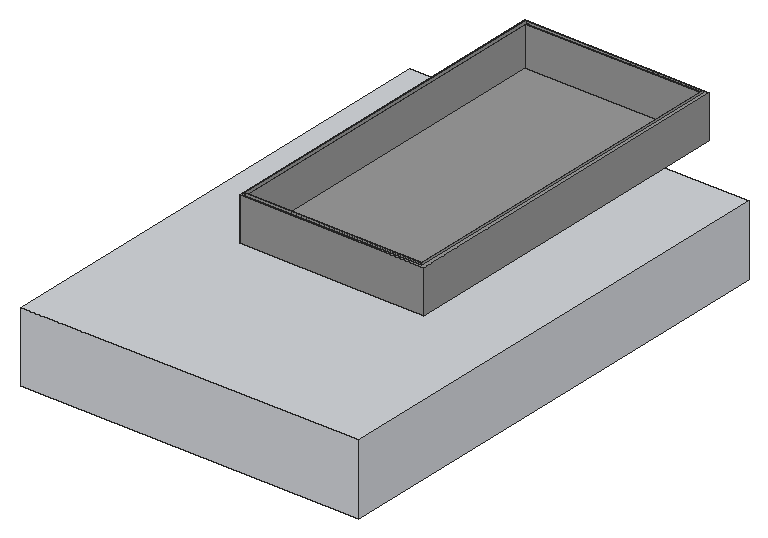
Revit family "Hager-Univers-IP30-D205-H1550-Cl.II-Encl-CH-de", category Equipement électrique, Revit 2020
Family settings
  Hôte = Face
  Configuration du panneau = Deux colonnes, circuits au sein
  Cote de connecteur circulaire = Utiliser le diamètre
  Type d'élément = Tableau de raccordement
  Couper avec des vides une fois chargée = Non
  Partagée = Non
  Point de calcul de pièce = Non
Parameters (values of type "Aufputz IP30 B800 H1550 T205  - FP03S1N")
  Width Control [instance] = if([EF000008 - Breite] > Min Width, [EF000008 - Breite], Min Width)  # 800 mm
  Commentaires du type = [HG000003 - Bereich]  # "Univers"
  Thickness Door [instance] = if([EF009171 - Materialstärke Tür/Deckel] > 3 mm, 3 mm, [EF009171 - Materialstärke Tür/Deckel])  # 1 mm
  Seal Frame Offset [instance] = 17 mm  # constant formula
  Plinth Visibility [instance] = [HG000027 - Sockelhöhe] > 0 mm  # no
  Model = ""
  Min Width [instance] = 100 mm  # constant formula
  Min Height [instance] = 100 mm  # constant formula
  Min Depth [instance] = (2 * [EF009170 - Materialstärke Gehäuse]) + 1 mm  # 3 mm
  Internal Frame Depth [instance] = (Door System Depth * 0.5)  # 9 mm
  Height Control [instance] = if([EF000040 - Höhe] > Min Height, [EF000040 - Höhe], Min Height)  # 1550 mm
  HG000027 - Sockelhöhe = 0 mm
  HG000026 - Stehend auf dem Boden = no
  HG000024 - Höhe des unteren Teils = 800 mm
  HG000023 - Gehäuse mit doppeltem Querschnitt = no
  HG000016 - 3D-Türsichtbarkeit [instance] = yes
  HG000015 - Sichtbarkeit der Türöffnung [instance] = no
  HG000014 - Tür rechts [instance] = yes
  HG000013 - Tür links [instance] = not([HG000014 - Tür rechts])  # no
  HG000012 - Türschwenkwinkel [instance] = 30.00°
  HG000010 - Asymmetrische Türen = no
  HG000009 - Doppelflügeligen Tür = no
  HG000006 - Unterputz = no
  HG000004 - Herstellerreferenz = "FP03S1N"
  HG000003 - Bereich = "Univers"
  HG000002 - Mit tür = no
  Frame Offset Bottom [instance] = 10 mm  # constant formula
  Frame Offset [instance] = 15 mm  # constant formula
  EF015940 - Deckel mit Überdruckentlastung = no
  EF011959 - Schutzart (NEMA) = ""
  EF009554 - Anzahl der Öffnungen für Flanschplatten = 6
  Fabricant = "Hager"  # constant formula
  EF009212 - Ausführung Deckel = "EV009916 - mit Ausschnitt"
  EF009171 - Materialstärke Tür/Deckel = 1 mm
  EF009170 - Materialstärke Gehäuse = 1 mm
  EF008873 - Nennstrom (In) = 250 A
  EF007800 - Geeignet für Blitzschutz = no
  EF006306 - Mit Schloss = no
  EF006244 - Transparenter Deckel/Tür = no
  EF005474 - Schutzart (IP) = "EV006410 - IP30"
  EF004464 - Art der Tür = "EV000494 - ohne"
  EF004427 - Anzahl der Module = 360
  EF004293 - Schlagfestigkeit = "EV006813 - IK07"
  EF003532 - Geeignet für Außengebrauch = no
  EF002950 - Breite in Teilungseinheiten = 36
  EF001613 - Funktionserhalt = "EV000494 - ohne"
  EF001596 - Werkstoff des Gehäuses = "EV000179 - Stahl"
  EF001131 - Innentiefe = 130 mm
  EF001088 - Anbaumöglichkeit = yes
  EF000437 - Anzahl der Leitungseinführungen = 6
  EF000339 - Art der Abdeckung = "EV000494 - ohne"
  EF000266 - Anzahl der Reihen = 10
  EF000218 - Einbautiefe = 205 mm
  EF000118 - Mit Montageplatte = no
  EF000116 - RAL-Nummer = "9010"
  EF000049 - Tiefe = 205 mm
  EF000040 - Höhe = 1550 mm
  EF000008 - Breite = 800 mm
  EF000007 - Farbe = "EV000202 - weiß"
  EF000003 - Montageart = "EV000384 - Aufputz"
  Door System Leaf Tolerance [instance] = 1.5 mm  # constant formula
  Door System Depth [instance] = 18 mm  # constant formula
  Door Height [instance] = Height Control - [HG000027 - Sockelhöhe]  # 1550 mm
  Depth Control [instance] = if([EF000049 - Tiefe] > Min Depth, [EF000049 - Tiefe], Min Depth)  # 205 mm
  Default Elevation = 0 mm
  Connector Offset [instance] = Height Control / 2  # 775 mm
  Bottom Top Plate Trim [instance] = 1.5 mm  # constant formula
  Plinth height Ctrl [instance] = if([HG000027 - Sockelhöhe] > 0 mm, [HG000027 - Sockelhöhe], 12 mm)  # 12 mm
Types (4, lengths in mm): name | Width Control | HG000004 - Herstellerreferenz | EF009554 - Anzahl der Öffnungen für Flanschplatten | EF008873 - Nennstrom (In) | EF004427 - Anzahl der Module | EF002950 - Breite in Teilungseinheiten | EF000437 - Anzahl der Leitungseinführungen | EF000008 - Breite
  Aufputz IP30 B1300 H1550 T205  - FP05S1N | 1300 | "FP05S1N" | 10 | 400 A | 600 | 60 | 10 | 1300
  Aufputz IP30 B300 H1550 T205  - FP01S1N | 300 | "FP01S1N" | 2 | 250 A | 120 | 12 | 2 | 300
  Aufputz IP30 B550 H1550 T205  - FP02S1N | 550 | "FP02S1N" | 4 | 250 A | 240 | 24 | 4 | 550
  Aufputz IP30 B800 H1550 T205  - FP03S1N | 800 | "FP03S1N" | 6 | 250 A | 360 | 36 | 6 | 800
Reference planes
  plane 1 "Center (Front/Back)": y = 0
  plane 2: z = 0
  plane 3 "Center (Left/Right)": x = 0
  plane 4: z = 205
  plane 5: y = 1
  plane 6: y = 775
  plane 7: y = 0
  plane 8: y = 1550
  plane 9: z = 0
  plane 10: x = -385
  plane 11: x = 385
  plane 12: x = 384
  plane 13: x = -384
  plane 14: y = 1549
  plane 15: x = -383
  plane 16: x = -400
  plane 17: x = 383
  plane 18: x = 400
  plane 19: x = 399
  plane 20: x = -399
  plane 21: y = 11
  plane 22: y = 1550
  plane 23: y = 1534
  plane 24: z = 187
  plane 25: z = 1
  plane 26: z = 186
  plane 27: z = 204
Forms (mm)
  Extrusion 1, solid
    sketch origin (0, 0, 0) x (1, 0, 0) y (0, 1, 0)
      loop
        line (-702.964, 1305) -> (-702.964, -811.445) -> (766.763, -811.445) -> (766.763, 1305) -> (-702.964, 1305)
    from 0 to -304.8
  Extrusion 2, solid, material "Hager_Steel_RAL7035_Light_Grey", visible <- "Plinth Visibility", detail levels medium+fine
    sketch origin (0, 0, 0) x (1, 0, 0) y (0, 1, 0)
      loop
        line (-400, 0) -> (400, 0) -> (400, 12) -> (-400, 12) -> (-400, 0)
    from 0 to 187
  Extrusion 3, solid, material "Hager_Steel_RAL7035_Light_Grey", detail levels medium+fine
    sketch origin (0, 0, 0) x (1, 0, 0) y (0, 1, 0)
      loop
        line (-400, 0) -> (400, 0) -> (400, 1550) -> (-400, 1550) -> (-400, 0)
    from 0 to 187
  Extrusion 4, void
    sketch origin (0, 0, 0) x (1, 0, 0) y (0, 1, 0)
      loop
        line (-399, 1) -> (399, 1) -> (399, 1549) -> (-399, 1549) -> (-399, 1)
    from 1 to 186
  Extrusion 5, void
    sketch origin (-381.607, -4572, 187) x (0, -1, 0) y (-1, 0, 0)
      loop
        line (-4583, 2.393) -> (-6106, 2.393) -> (-6106, -765.607) -> (-4583, -765.607) -> (-4583, 2.393)
    from 0 to 1 <- "EF009170 - Materialstärke Gehäuse"
  Extrusion 6, solid, material "Hager_Steel_RAL7035_Light_Grey", detail levels fine
    sketch origin (0, 0, 187) x (1, 0, 0) y (0, 1, 0)
      loop
        line (-384, 1534) -> (-384, 11) -> (384, 11) -> (384, 1534) -> (-384, 1534)
      loop
        line (-385, 10) -> (385, 10) -> (385, 1535) -> (-385, 1535) -> (-385, 10)
    from 0 to 9 <- "Internal Frame Depth"
  Extrusion 7, solid, material "Hager_Steel_RAL7035_Light_Grey", detail levels coarse
    sketch origin (0, 0, 0) x (1, 0, 0) y (0, 1, 0)
      loop
        line (-400, 0) -> (400, 0) -> (400, 1550) -> (-400, 1550) -> (-400, 0)
    from 0 to 205
  Sweep 8, void
    path in 3D
      loop
        line (-400, 12, 0) -> (400, 12, 0) -> (400, 12, 187) -> (-400, 12, 187) -> (-400, 12, 0)
    profile origin (-400, 12, 93.5) x (-1, 0, 0) y (0, -1, 0)
      loop
        line (0, 0) -> (0, 1.5) -> (-1.5, 1.5)
        arc (-1.5, 1.5) -> (-1.061, 0.439) -> (0, 0) r 1.5
Cuts and joins
  Extrusion 4, Extrusion 5 cuts Extrusion 3
  Sweep 8 cuts Extrusion 2
Lines and regions (mm)
  Masking region 1
    outline origin (0, 0, 0) x (1, 0, 0) y (0, 0, 1)
      loop
        line (-400, 205) -> (-400, 0) -> (400, 0) -> (400, 205) -> (-400, 205)
  Masking region 2, detail levels medium+fine
    outline origin (0, 140, 0) x (0, 1, 0) y (0, 0, 1)
      loop
        line (-140, 0) -> (1410, 0) -> (1410, 187) -> (-140, 187) -> (-140, 0)
  Masking region 3, not visible, detail levels medium+fine
    outline origin (0, 297.922, 0) x (0, 1, 0) y (0, 0, 1)
      loop
        line (488.578, 0) -> (528.578, 0) -> (528.578, 194)
        arc (528.578, 194) -> (525.649, 201.071) -> (518.578, 204) r 10
        line (518.578, 204) -> (488.578, 204) -> (488.578, 0)
  Masking region 4, detail levels coarse
    outline origin (0, 0, 180) x (0, 1, 0) y (0, 0, 1)
      loop
        line (0, -180) -> (1550, -180) -> (1550, 25) -> (0, 25) -> (0, -180)
  Masking region 5, visible <- "Plinth Visibility", detail levels medium+fine
    outline origin (0, 52.24, 12.345) x (0, 0, -1) y (0, 1, 0)
      loop
        line (10.845, -40.24) -> (-173.155, -40.24)
        arc (-173.155, -40.24) -> (-173.594, -41.301) -> (-174.655, -41.74) r 1.5
        line (-174.655, -41.74) -> (-174.655, -52.24) -> (12.345, -52.24) -> (12.345, -41.74)
        arc (12.345, -41.74) -> (11.285, -41.301) -> (10.845, -40.24) r 1.5
  Masking region 6, detail levels medium+fine
    outline origin (-381.607, -4572, 187) x (-1, 0, 0) y (0, -1, 0)
      loop
        line (18.393, -6122) -> (18.393, -4572) -> (-781.607, -4572) -> (-781.607, -6122) -> (18.393, -6122)
  Masking region 7, visible <- "Plinth Visibility", detail levels medium+fine
    outline origin (-381.607, -4727, 187) x (-1, 0, 0) y (0, -1, 0)
      loop
        arc (16.893, -4739) -> (17.332, -4737.939) -> (18.393, -4737.5) r 1.5
        line (18.393, -4737.5) -> (18.393, -4727) -> (-781.607, -4727) -> (-781.607, -4737.5)
        arc (-781.607, -4737.5) -> (-780.546, -4737.939) -> (-780.107, -4739) r 1.5
        line (-780.107, -4739) -> (16.893, -4739)
  Masking region 8, detail levels coarse
    outline origin (-442.548, -4669.526, 187) x (-1, 0, 0) y (0, -1, 0)
      loop
        line (-42.548, -6219.526) -> (-42.548, -4669.526) -> (-842.548, -4669.526) -> (-842.548, -6219.526) -> (-42.548, -6219.526)
  sketch lines
    curve 1: line (-400, 12, 187) -> (-400, 12, 0)
    curve 2: line (400, 12, 187) -> (-400, 12, 187)
    curve 3: line (400, 12, 187) -> (400, 12, 0)
    curve 4: line (-400, 12, 0) -> (400, 12, 0)
Dimensions and locks
  "Depth Control": plane 4 to Extrusion 1
  "HG000027 - Sockelhöhe": plane 1 "Center (Front/Back)" to plane 7
  "EF009170 - Materialstärke Gehäuse": plane 5 to plane 7
  locked: connector elem to plane 3 "Center (Left/Right)"
  equal spacing: plane 8, plane 6, plane 7
  locked: connector elem to plane 6
  "EF009170 - Materialstärke Gehäuse": plane 8 to plane 14
  "EF009170 - Materialstärke Gehäuse": plane 10 to plane 13
  "EF009170 - Materialstärke Gehäuse": plane 12 to plane 11
  "Frame Offset": plane 20 to plane 13
  "Frame Offset": plane 12 to plane 19
  "EF009170 - Materialstärke Gehäuse": plane 16 to plane 20
  "EF009170 - Materialstärke Gehäuse": plane 19 to plane 18
  "Seal Frame Offset": plane 16 to plane 15
  "Seal Frame Offset": plane 17 to plane 18
  "Frame Offset Bottom": plane 21 to plane 5
  "Frame Offset": plane 14 to plane 23
  equal spacing: plane 16, plane 3 "Center (Left/Right)", plane 18
  "Width Control": plane 16 to plane 18
  "EF009170 - Materialstärke Gehäuse": plane 4 to plane 27
  "EF009170 - Materialstärke Gehäuse": plane 24 to plane 26
  "EF009170 - Materialstärke Gehäuse": plane 25 to level
  "Door System Depth": plane 4 to plane 24
  "Height Control": plane 1 "Center (Front/Back)" to Extrusion 7 sketch curve
  "Height Control": Masking region 4 sketch curve to plane 1 "Center (Front/Back)"
  "Height Control": plane 1 "Center (Front/Back)" to plane 22
  "Bottom Top Plate Trim": profile plane to Sweep 8 sketch curve
  "Bottom Top Plate Trim": Sweep 8 sketch curve to profile plane
  "Plinth height Ctrl": plane 1 "Center (Front/Back)" to Extrusion 2 sketch curve
  "Plinth height Ctrl": Masking region 5 sketch curve to plane 1 "Center (Front/Back)"
  "Plinth height Ctrl": plane 1 "Center (Front/Back)" to Masking region 7 sketch curve
  "Thickness Door": Extrusion 6 sketch curve to Extrusion 6 sketch curve  (x3)
  "Thickness Door": cut or joined group of Extrusion 3, Extrusion 4, Extrusion 5 to Extrusion 6 sketch curve
  radius of Masking region 3 sketch curve = 10 mm
  "Bottom Top Plate Trim": radius of Masking region 5 sketch curve  (x2)
  "Bottom Top Plate Trim": radius of Sweep 8 sketch curve
  "Bottom Top Plate Trim": radius of Masking region 7 sketch curve  (x2)
  aligned and locked: plane 2 to Extrusion 1
  aligned and locked: level to Extrusion 1
  aligned and locked: level to Masking region 1 sketch curve
  aligned and locked: Masking region 1 sketch curve to plane 18
  aligned and locked: Masking region 1 sketch curve to plane 16
  aligned and locked: plane 7 to Masking region 2 sketch curve
  aligned and locked: level to Masking region 3 sketch curve
  aligned and locked: Masking region 3 sketch curve to plane 27
  aligned and locked: level to Masking region 2 sketch curve
  aligned and locked: plane 1 "Center (Front/Back)" to Extrusion 2 sketch curve
  aligned and locked: Extrusion 3 sketch curve to plane 7
  aligned and locked: plane 16 to Extrusion 3 sketch curve
  aligned and locked: plane 18 to Extrusion 3 sketch curve
  aligned and locked: plane 20 to Extrusion 4 sketch curve
  aligned and locked: plane 19 to Extrusion 4 sketch curve
  aligned and locked: Extrusion 4 sketch curve to plane 5
  aligned and locked: Extrusion 4 to plane 25
  aligned and locked: plane 26 to Extrusion 4
  aligned and locked: plane 24 to Extrusion 3
  aligned and locked: Extrusion 5 sketch curve to plane 21
  aligned and locked: Extrusion 5 sketch curve to plane 13
  aligned and locked: Extrusion 5 sketch curve to plane 12
  aligned and locked: plane 18 to Extrusion 7 sketch curve
  aligned and locked: plane 1 "Center (Front/Back)" to Extrusion 7 sketch curve
  aligned and locked: plane 16 to Extrusion 7 sketch curve
  aligned and locked: plane 4 to Extrusion 7
  aligned and locked: Extrusion 7 to level
  aligned and locked: level to Masking region 4 sketch curve
  aligned and locked: Masking region 4 sketch curve to plane 1 "Center (Front/Back)"
  aligned and locked: Masking region 4 sketch curve to plane 4
  aligned and locked: nested 1 to level
  aligned and locked: nested 1 to plane 16
  aligned and locked: plane 8 to Extrusion 3 sketch curve
  aligned and locked: plane 23 to Extrusion 5 sketch curve
  aligned and locked: plane 14 to Extrusion 4 sketch curve
  aligned and locked: Masking region 2 sketch curve to plane 8
  aligned and locked: level to Masking region 5 sketch curve
  aligned and locked: plane 16 to Extrusion 2 sketch curve
  aligned and locked: plane 18 to Extrusion 2 sketch curve
  aligned and locked: Masking region 5 sketch curve to plane 24
  aligned and locked: Masking region 2 sketch curve to plane 24
  aligned and locked: plane 24 to Extrusion 2
  aligned and locked: profile plane to Sweep 8 sketch curve  (x2)
  aligned and locked: Masking region 6 sketch curve to plane 18
  aligned and locked: Masking region 6 sketch curve to plane 22
  aligned and locked: Masking region 6 sketch curve to plane 16
  aligned and locked: plane 8 to plane 22
  aligned and locked: Masking region 6 sketch curve to plane 7
  aligned and locked: Masking region 7 sketch curve to plane 16
  aligned and locked: Masking region 7 sketch curve to plane 1 "Center (Front/Back)"
  aligned and locked: Masking region 7 sketch curve to plane 18
  aligned and locked: Masking region 8 sketch curve to plane 1 "Center (Front/Back)"
  aligned and locked: Masking region 8 sketch curve to plane 18
  aligned and locked: Masking region 8 sketch curve to plane 22
  aligned and locked: Masking region 8 sketch curve to plane 16
  aligned and locked: nested 2 to plane 7
  aligned and locked: plane 3 "Center (Left/Right)" to nested 2
  aligned and locked: nested 2 to plane 24
  aligned and locked: Extrusion 6 sketch curve to cut or joined group of Extrusion 3, Extrusion 4, Extrusion 5  (x4)
Automatic sketch dimensions
  Extrusion 1 sketch curve to Extrusion 1 sketch curve = 1469.727 mm
  Extrusion 1 sketch curve to Extrusion 1 sketch curve = 2116.445 mm
  Masking region 1 sketch curve to plane 4 = 0 mm
  plane 6 to Masking region 3 sketch curve = 11.5 mm
  Masking region 3 sketch curve to Masking region 3 sketch curve = 30 mm
  Masking region 5 sketch curve to plane 1 "Center (Front/Back)" = 0 mm
Nested families
  nested 1: "Hager_Enclosure_Symbol" at (-400, 0, 0) x (1, 0, 0) z (0, -1, 0), Height <- "Depth Control", Width <- "Width Control", type "Hager_Enclosure_Symbol"
    with Width_Ctrl 800 mm, Width 800 mm, Height_Ctrl 205 mm, Height 205 mm, A_Width_Int 13.453 mm, A_Width 161.438 mm, A_Height_Ctrl 179.375 mm, A_Height 179.375 mm
  nested 2: "EC000058_Univers_Door" at (0, 0, 187) x (1, 0, 0) z (0, 1, 0), Leaf_Tolerance <- "Door System Leaf Tolerance", Angle <- "HG000012 - Türschwenkwinkel", Door_Depth <- "Door System Depth", Door_Left <- "HG000013 - Tür links", Transparent <- "EF006244 - Transparenter Deckel/Tür", Assymetrical <- "HG000010 - Asymmetrische Türen", Width <- "Width Control", Clearance <- "HG000015 - Sichtbarkeit der Türöffnung", Double <- "HG000009 - Doppelflügeligen Tür", 3d_Door <- "HG000016 - 3D-Türsichtbarkeit", Lock_Visibility <- "EF006306 - Mit Schloss", Width_Ctrl <- "Width Control", Door_Right <- "HG000014 - Tür rechts", Door <- "HG000002 - Mit tür", Height <- "Door Height", Thickness <- "Thickness Door", type "EC000058_Univers_Door", detail levels medium+fine
    with min_wh 3 mm, Width_Ctrl 800 mm, Width 800 mm, Transparent no, Thickness 1 mm, Seal_Material Hager_Rubber, Lock_Visibility no, Lock_Material Hager_Plastic_RAL9005_Jet_Black, Leaf_Width 800 mm, Leaf_Tolerance_External_Sides 0 mm, Leaf_Tolerance 1.5 mm, Leaf_Offset 0 mm, Leaf_Height 1547 mm, Leaf_2_Width 800 mm, Leaf_2_Offset 400 mm, Leaf_1_Width 800 mm, Leaf_1_Offset 400 mm, Height_Ctrl 1550 mm, Height 1550 mm, Glass_Material Hager_Glass, Double_Clearance_Ctrl no, Double no, Door_Right_Ctrl no, Door_Right yes, Door_Material Hager_Steel_RAL7035_Light_Grey, Door_Left_Ctrl no, Door_Left no, Door_Depth 18 mm, Door no, Clearance_Material Hager_Clearance, Clearance_Depth 800 mm, Clearance_Ctrl no, Clearance no, Assymetrical no, Angle 30.00°, 3d_Door yes
Connectors
  electrical at (0, 775, 0)
    settings: on plane 9, index 1, voltage 0 V, apparent load 0 VA, apparent load phase1 0 VA, apparent load phase2 0 VA, apparent load phase3 0 VA, power factor 1, load classification "Other", number of poles 1, system type 30, power factor state 1, is connector primary yes, connector utility no, sub classification motor no, connector description ""
Definition of nested family "Hager_Enclosure_Symbol"
  Parameters (values of type "Hager_Enclosure_Symbol")
    Width_Ctrl [instance] = if(Width > 1 mm, Width, 1 mm)  # 102.27 mm
    Width [instance] = 102.27 mm
    Height_Ctrl [instance] = if(Height > 1 mm, Height, 1 mm)  # 66.5 mm
    A_Width_Int [instance] = if(A_Width / 12 > 2 mm, A_Width / 12, 2 mm)  # 4.364 mm
    A_Width [instance] = if(A_Height_Ctrl * 0.9 > 2 mm, A_Height_Ctrl * 0.9, 2 mm)  # 52.369 mm
    A_Height_Ctrl [instance] = if(A_Height > 2 mm, A_Height, 2 mm)  # 58.188 mm
    Height [instance] = 66.5 mm
    A_Height [instance] = Height - (Height / 8)  # 58.188 mm
  Reference planes
    plane 1 "Centre (avant/arrière)": y = 0
    plane 2: z = 0
    plane 3 "Centre (gauche/droite)": x = 0
    plane 4: x = 52.369
    plane 5: y = 33.042
    plane 6: y = 41.77
    plane 7: y = 66.5
    plane 8: x = 26.184
    plane 9: y = 37.406
    plane 10: x = 102.27
    plane 11: y = 66.5
    plane 12: y = 8.313
  Lines and regions (mm)
    Filled region 1, type "Solid_Black", in view "Niveau de réf."
      outline origin (0, 0, 0) x (1, 0, 0) y (0, 1, 0)
        loop
          line (52.369, 66.5) -> (33.188, 54.536) -> (45.365, 45.006) -> (52.369, 66.5)
    Filled region 2, type "Solid_Black", in view "Niveau de réf."
      outline origin (0, 0, 0) x (1, 0, 0) y (0, 1, 0)
        loop
          line (0, 0) -> (102.27, 0) -> (102.27, 66.5) -> (0, 0)
    detail lines, in view "Niveau de réf."
      curve 1: line (0, 8.313, 0) -> (26.184, 41.77, 0)
      curve 2: line (26.184, 41.77, 0) -> (26.184, 33.042, 0)
      curve 3: line (26.184, 33.042, 0) -> (52.369, 66.5, 0)
  Dimensions and locks
    "A_Width": plane 3 "Centre (gauche/droite)" to plane 4
    equal spacing: plane 3 "Centre (gauche/droite)", plane 8, plane 4
    equal spacing: plane 6, plane 9, plane 5
    equal spacing: curve 3, Filled region 1 sketch curve, Filled region 1 sketch curve
    "Height_Ctrl": plane 1 "Centre (avant/arrière)" to plane 11
    "A_Height_Ctrl": plane 11 to plane 12
    equal spacing: plane 11, plane 9, plane 12
    "A_Width_Int": plane 6 to plane 9
    "Width_Ctrl": plane 3 "Centre (gauche/droite)" to plane 10
    angle Filled region 1 sketch curve to curve 3 = 20.00°
    angle curve 3 to Filled region 1 sketch curve = 20.00°
    locked: curve 3 to Filled region 1 sketch curve (angle 90.00°)
    aligned and locked: plane 10 to Filled region 2
    aligned and locked: plane 11 to Filled region 2 sketch curve
    aligned and locked: plane 10 to Filled region 2 sketch curve
    aligned and locked: plane 3 "Centre (gauche/droite)" to curve 1
    aligned and locked: plane 12 to curve 1
    aligned and locked: plane 7 to plane 11
  Automatic sketch dimensions
    Filled region 1 sketch curve to plane 4 = 0 mm
    Filled region 1 sketch curve to plane 7 = 0 mm
    plane 1 "Centre (avant/arrière)" to Filled region 2 sketch curve = 0 mm
    Filled region 2 sketch curve to plane 3 "Centre (gauche/droite)" = 0 mm
    curve 2 to plane 6 = 0 mm
    curve 2 to plane 8 = 0 mm
    curve 3 to plane 4 = 0 mm
    curve 2 to plane 5 = 0 mm
    curve 3 to plane 7 = 0 mm
Definition of nested family "EC000058_Univers_Door"
  Parameters (values of type "EC000058_Univers_Door")
    min_wh [instance] = (2 * Thickness) + 1 mm  # 11 mm
    Width_Ctrl [instance] = 400 mm
    Width [instance] = 500 mm
    Transparent [instance] = yes
    Thickness [instance] = 5 mm
    Seal_Material [instance] = none
    Lock_Visibility [instance] = yes
    Lock_Material [instance] = none
    Leaf_Width [instance] = if((Width_Ctrl - 2 * Leaf_Tolerance_External_Sides) > 0 mm, (Width_Ctrl - 2 * Leaf_Tolerance_External_Sides), min_wh)  # 400 mm
    Leaf_Tolerance_External_Sides [instance] = 0 mm  # constant formula
    Leaf_Tolerance [instance] = 1.5 mm
    Leaf_Offset [instance] = 0 mm  # constant formula
    Leaf_Height [instance] = if((Height_Ctrl - 2 * Leaf_Tolerance) > 0 mm, (Height_Ctrl - 2 * Leaf_Tolerance), min_wh)  # 497 mm
    Leaf_2_Width [instance] = if(and(and(Double, Assymetrical), Door_Left), (Leaf_Width / 3) - (Leaf_Tolerance / 2), if(and(and(Double, Assymetrical), Door_Right), (Leaf_Width / 3) * 2 - (Leaf_Tolerance / 2), if(and(Double, not(Assymetrical)), (Leaf_Width / 2) - Leaf_Tolerance, Leaf_Width)))  # 400 mm
    Leaf_2_Offset [instance] = if(and(Double, Assymetrical), Leaf_2_Width / 2, if(and(Double, not(Assymetrical)), Leaf_Width / 4, Leaf_Width / 2))  # 200 mm
    Leaf_1_Width [instance] = if(and(and(Double, Assymetrical), Door_Right), (Leaf_Width / 3) - (Leaf_Tolerance / 2), if(and(and(Double, Assymetrical), Door_Left), (Width / 3) * 2 - (Leaf_Tolerance / 2), if(and(Double, not(Assymetrical)), (Leaf_Width / 2) - Leaf_Tolerance, Leaf_Width)))  # 400 mm
    Leaf_1_Offset [instance] = if(and(Double, Assymetrical), Leaf_1_Width / 2, if(and(Double, not(Assymetrical)), Leaf_Width / 4, Leaf_Width / 2))  # 200 mm
    Height_Ctrl [instance] = if(Height > min_wh, Height, min_wh)  # 500 mm
    Height [instance] = 500 mm
    Glass_Material [instance] = none
    Double_Clearance_Ctrl [instance] = and(Double, Clearance)  # no
    Double [instance] = no
    Door_Right_Ctrl [instance] = and(or(Door_Right, Double), Door)  # yes
    Door_Right [instance] = yes
    Door_Material [instance] = none
    Door_Left_Ctrl [instance] = and(or(Door_Left, Double), Door)  # no
    Door_Left [instance] = no
    Door_Depth [instance] = 30 mm
    Door [instance] = yes
    Default Elevation = 1219.2 mm
    Clearance_Material [instance] = none
    Clearance_Depth [instance] = if(Leaf_1_Width > Leaf_2_Width, Leaf_1_Width, Leaf_2_Width)  # 400 mm
    Clearance_Ctrl [instance] = and(not(Double), Clearance)  # yes
    Clearance [instance] = yes
    Assymetrical [instance] = yes
    Angle [instance] = 30.00°
    3d_Door [instance] = yes
  Reference planes
    plane 1 "Center (Front/Back)": y = 0
    plane 2 "Bottom": z = 0
    plane 3 "Center (Left/Right)": x = 0
    plane 4: z = 500
    plane 5: x = -200
    plane 6: x = 200
    plane 7: z = 500
    plane 8: x = -200
    plane 9: z = 0
    plane 10: x = 200
    plane 11: y = 0
    plane 12: z = 1.5
    plane 13: x = -600
    plane 14: y = -400
    plane 15: x = 600
    plane 16: x = 0
    plane 17: x = 0
    plane 18: x = -200
    plane 19: x = 200
    plane 20: z = 498.5
  Forms (mm)
    Extrusion 1, solid, material <- "Clearance_Material", visible <- "Double_Clearance_Ctrl"
      sketch origin (1200, 0, 0) x (1, 0, 0) y (0, 0, -1)
        loop
          line (-1800, -498.5) -> (-600, -498.5) -> (-600, 0) -> (-1800, 0) -> (-1800, -498.5)
      from 0 to -400
  Dimensions and locks
    equal spacing: plane 5, plane 3 "Center (Left/Right)", plane 6
    "Width_Ctrl": plane 5 to plane 6
    "Leaf_Offset": plane 5 to plane 8
    "Leaf_Offset": plane 6 to plane 10
    "Leaf_Offset": plane 9 to level
    "Leaf_Offset": plane 4 to plane 7
    "Height_Ctrl": plane 4 to level
    "Leaf_Tolerance": plane 12 to plane 9
    locked: plane 11 to plane 1 "Center (Front/Back)"
    "Leaf_1_Offset": plane 18 to plane 16
    "Leaf_2_Offset": plane 17 to plane 19
    "Leaf_1_Width": plane 13 to plane 8
    "Leaf_2_Width": plane 10 to plane 15
    "Clearance_Depth": plane 14 to plane 1 "Center (Front/Back)"
    "Leaf_Tolerance_External_Sides": plane 8 to plane 18
    "Leaf_Tolerance_External_Sides": plane 19 to plane 10
    "Leaf_Tolerance": plane 7 to plane 20
    aligned and locked: level to plane 2 "Bottom"
    aligned and locked: nested 1 to plane 16
    aligned and locked: nested 2 to plane 17
    aligned and locked: Extrusion 1 to plane 13
    aligned and locked: plane 15 to Extrusion 1
    aligned and locked: Extrusion 1 to plane 14
    aligned and locked: plane 12 to nested 1
    aligned and locked: nested 2 to plane 12
    aligned and locked: Extrusion 1 to plane 11
    aligned and locked: plane 20 to Extrusion 1
    aligned and locked: nested 2 to plane 11
    aligned and locked: nested 1 to plane 11
  Automatic sketch dimensions
    Extrusion 1 sketch curve to level = 0 mm
    plane 5 to Extrusion 1 sketch curve = 400 mm
    plane 6 to Extrusion 1 sketch curve = 400 mm
    Extrusion 1 sketch curve to plane 4 = 1.5 mm
  Nested families
    nested 1: "EC000058_Univers_Door_Leaf" at (0, 0, 1.5), Width <- "Leaf_1_Width", visible <- "Door_Left_Ctrl", Leaf_Height <- "Leaf_Height", Angle <- "Angle", 3d_Door <- "3d_Door", Transparent <- "Transparent", Clearance Material <- "Clearance_Material", Clearance <- "Clearance_Ctrl", Door_Material <- "Door_Material", Glass_Material <- "Glass_Material", Door_Depth <- "Door_Depth", Lock_Material <- "Lock_Material", Seal_Material <- "Seal_Material", Lock_Visibility <- "Lock_Visibility", Thickness <- "Thickness", type "EC000058_Univers_Door_Leaf"
      with Width 400 mm, Transparent_Glass_Offset 30 mm, Transparent_Ctrl yes, Transparent yes, Thickness 5 mm, Standard no, Seal_Material none, Seal_D2 8 mm, Seal_D1 1 mm, Offset_Internal_Frame 10 mm, Lock_Width 20 mm, Lock_Visibility_3d yes, Lock_Visibility yes, Lock_Thickness_3 3 mm, Lock_Thickness_2 1 mm, Lock_Thickness_1 3 mm, Lock_Radius_Offset_2 16 mm, Lock_Radius_Offset_1 15 mm, Lock_Radius_2 5 mm, Lock_Radius 6 mm, Lock_Offset 5 mm, Lock_Material none, Lock_Height 80 mm, Lock_Cover_Top_Offset_2d 17 mm, Lock_Cover_Height -65 mm, Leaf_Height 497 mm, Internal_Seal_Thickness 8 mm, Internal_Seal_Depth_2 4.5 mm, Internal_Frame_Depth 25 mm, Glass_Thickness -1 mm, Glass_Offset -2 mm, Glass_Material none, Door_Material none, Door_Depth 30 mm, Clearance Material none, Clearance yes, Angle_Ctrl 30.00°, Angle 30.00°, 3d_Door yes
    nested 2: "EC000058_Univers_Door_Leaf" at (0, 0, 1.5) x (-1, 0, 0) z (0, 0, 1), Width <- "Leaf_2_Width", visible <- "Door_Right_Ctrl", Leaf_Height <- "Leaf_Height", Angle <- "Angle", 3d_Door <- "3d_Door", Transparent <- "Transparent", Clearance Material <- "Clearance_Material", Clearance <- "Clearance_Ctrl", Door_Material <- "Door_Material", Glass_Material <- "Glass_Material", Door_Depth <- "Door_Depth", Lock_Material <- "Lock_Material", Seal_Material <- "Seal_Material", Lock_Visibility <- "Lock_Visibility", Thickness <- "Thickness", type "EC000058_Univers_Door_Leaf"
      with Width 400 mm, Transparent_Glass_Offset 30 mm, Transparent_Ctrl yes, Transparent yes, Thickness 5 mm, Standard no, Seal_Material none, Seal_D2 8 mm, Seal_D1 1 mm, Offset_Internal_Frame 10 mm, Lock_Width 20 mm, Lock_Visibility_3d yes, Lock_Visibility yes, Lock_Thickness_3 3 mm, Lock_Thickness_2 1 mm, Lock_Thickness_1 3 mm, Lock_Radius_Offset_2 16 mm, Lock_Radius_Offset_1 15 mm, Lock_Radius_2 5 mm, Lock_Radius 6 mm, Lock_Offset 5 mm, Lock_Material none, Lock_Height 80 mm, Lock_Cover_Top_Offset_2d 17 mm, Lock_Cover_Height -65 mm, Leaf_Height 497 mm, Internal_Seal_Thickness 8 mm, Internal_Seal_Depth_2 4.5 mm, Internal_Frame_Depth 25 mm, Glass_Thickness -1 mm, Glass_Offset -2 mm, Glass_Material none, Door_Material none, Door_Depth 30 mm, Clearance Material none, Clearance yes, Angle_Ctrl 30.00°, Angle 30.00°, 3d_Door yes
  Definition of nested family "EC000058_Univers_Door_Leaf"
    Parameters (values of type "EC000058_Univers_Door_Leaf")
      Width [instance] = 2000 mm
      Transparent_Glass_Offset [instance] = 30 mm
      Transparent_Ctrl [instance] = and(Transparent, [3d_Door])  # yes
      Transparent [instance] = yes
      Thickness [instance] = 5 mm
      Standard [instance] = and(not(Transparent), [3d_Door])  # no
      Seal_Material [instance] = none
      Seal_D2 [instance] = 8 mm  # constant formula
      Seal_D1 [instance] = 1 mm  # constant formula
      Offset_Internal_Frame [instance] = 10 mm  # constant formula
      Lock_Width [instance] = 20 mm  # constant formula
      Lock_Visibility_3d [instance] = and(Lock_Visibility, [3d_Door])  # yes
      Lock_Visibility [instance] = yes
      Lock_Thickness_3 [instance] = 3 mm  # constant formula
      Lock_Thickness_2 [instance] = 1 mm  # constant formula
      Lock_Thickness_1 [instance] = 3 mm  # constant formula
      Lock_Radius_Offset_2 [instance] = Lock_Radius_Offset_1 + 1 mm  # 16 mm
      Lock_Radius_Offset_1 [instance] = 15 mm  # constant formula
      Lock_Radius_2 [instance] = Lock_Radius - 1 mm  # 5 mm
      Lock_Radius [instance] = 6 mm  # constant formula
      Lock_Offset [instance] = 5 mm  # constant formula
      Lock_Material [instance] = none
      Lock_Height [instance] = 80 mm  # constant formula
      Lock_Cover_Top_Offset_2d [instance] = Lock_Radius_Offset_2 + 1 mm  # 17 mm
      Lock_Cover_Height [instance] = -(Lock_Height - Lock_Radius_Offset_1)  # -65 mm
      Leaf_Height [instance] = 2720.336 mm
      Internal_Seal_Thickness [instance] = 8 mm  # constant formula
      Internal_Seal_Depth_2 [instance] = 4.5 mm  # constant formula
      Internal_Frame_Depth [instance] = if(Door_Depth - Thickness > 5 mm, Door_Depth - Thickness, 5 mm)  # 25 mm
      Glass_Thickness [instance] = if(Thickness > 15 mm, Glass_Offset + 10 mm, -1 mm)  # -1 mm
      Glass_Offset [instance] = if(Thickness > 15 mm, -(Thickness + 10 mm) / 2, -2 mm)  # -2 mm
      Glass_Material [instance] = none
      Door_Material [instance] = none
      Door_Depth [instance] = 30 mm
      Default Elevation = 0 mm
      Clearance Material [instance] = none
      Clearance [instance] = yes
      Angle_Ctrl [instance] = if(Angle > 180.00°, 180.00°, Angle)  # 90.00°
      Angle [instance] = 90.00°
      3d_Door [instance] = yes
    Reference planes
      plane 1 "Center (Front/Back)": y = 0
      plane 2: z = 0
      plane 3 "Center (Left/Right)": x = 0
      plane 4: y = 2000
      plane 5: x = -1000
      plane 6: x = 1000
      plane 7: x = -3000
      plane 8: z = 2720.336
      plane 9: z = 30
      plane 10: z = 2690.336
      plane 11: x = 970
      plane 12: x = -970
      plane 13: y = -3
      plane 14: z = 107.833
      plane 15: y = -5
      plane 16: y = -223.314
      plane 17: x = -1000
      plane 18: z = 1360.168
      plane 19: y = 30
    Forms (mm)
      Extrusion 1, solid, material <- "Clearance Material", visible <- "Clearance"
        sketch origin (0, 0, 0) x (1, 0, 0) y (0, 0, 1)
          loop
            line (-3000, 2720.336) -> (-3000, 0) -> (1000, 0) -> (1000, 2720.336) -> (-3000, 2720.336)
        from 0 to -2000
      Extrusion 2, solid, material <- "Door_Material", visible <- "Standard", detail levels medium+fine
        sketch origin (-1000, 0, 0) x (0, 1, 0) y (-1, 0, 0)
          loop
            line (0, 30) -> (0, 25) -> (2000, 25) -> (2000, 30) -> (0, 30)
        from 0 to 2720.336 <- "Leaf_Height"
      Extrusion 3, solid, material <- "Door_Material", visible <- "Transparent_Ctrl", detail levels medium+fine
        sketch origin (-1000, 0, 0) x (0, 1, 0) y (-1, 0, 0)
          loop
            line (0, 25) -> (2000, 25) -> (2000, 30) -> (0, 30) -> (0, 25)
        from 0 to 2720.336 <- "Leaf_Height"
      Extrusion 4, void
        sketch origin (-1025, 2000, 0) x (0, 1, 0) y (0, 0, -1)
          loop
            line (-30, -2690.336) -> (-30, -30) -> (-1970, -30) -> (-1970, -2690.336) -> (-30, -2690.336)
        from 0 to 5 <- "Thickness"
      Sweep 5, solid, material <- "Seal_Material", visible <- "Transparent_Ctrl", detail levels fine
        path in 3D
          loop
            line (-1025, 30, 30) -> (-1025, 30, 2690.336) -> (-1025, 1970, 2690.336) -> (-1025, 1970, 30) -> (-1025, 30, 30)
        profile origin (-1025, 1000, 30) x (1, 0, 0) y (0, 0, 1)
          loop
            line (0, 0) -> (0, -8) -> (1, -8) -> (1, 0) -> (0, 0)
      Extrusion 6, solid, material <- "Glass_Material", visible <- "Transparent_Ctrl", detail levels medium+fine
        sketch origin (-1030, 0, 0) x (0, 1, 0) y (0, 0, -1)
          loop
            line (1970, -2690.336) -> (1970, -30) -> (30, -30) -> (30, -2690.336) -> (1970, -2690.336)
        from -2 <- "Glass_Offset" to -1 <- "Glass_Thickness"
      Extrusion 7, solid, material <- "Door_Material", visible <- "3d_Door", detail levels medium+fine
        sketch origin (-1025, 2000, 0) x (0, -1, 0) y (0, 0, -1)
          loop
            line (0, -2720.336) -> (2000, -2720.336) -> (2000, 0) -> (0, 0) -> (0, -2720.336)
          loop
            line (1995, -5) -> (5, -5) -> (5, -2715.336) -> (1995, -2715.336) -> (1995, -5)
        from 0 to 25 <- "Internal_Frame_Depth"
      Sweep 8, solid, material <- "Seal_Material", visible <- "Transparent_Ctrl", detail levels fine
        path in 3D
          loop
            line (-1025, 0, 0) -> (-1025, 2000, 0) -> (-1025, 2000, 2720.336) -> (-1025, 0, 2720.336) -> (-1025, 0, 0)
        profile origin (-1025, 0, 1360.168) x (1, 0, 0) y (0, 1, 0)
          loop
            line (0, 10) -> (2.975, 10)
            arc (2.975, 10) -> (4.053, 10.447) -> (4.5, 11.525) r 1.525
            line (4.5, 11.525) -> (4.5, 16.527)
            arc (4.5, 16.527) -> (4.069, 17.569) -> (3.027, 18) r 1.473
            line (3.027, 18) -> (0, 18) -> (0, 10)
      Extrusion 9, solid, material <- "Lock_Material", visible <- "Lock_Visibility_3d", detail levels fine
        sketch origin (-1030, 0, 0) x (0, 1, 0) y (0, 0, -1)
          loop
            arc (1993.5, -1400.168) -> (1994.561, -1399.729) -> (1995, -1398.668) r 1.5
            line (1995, -1398.668) -> (1995, -1320.168) -> (1975, -1320.168) -> (1975, -1398.668)
            arc (1975, -1398.668) -> (1975.439, -1399.729) -> (1976.5, -1400.168) r 1.5
            line (1976.5, -1400.168) -> (1993.5, -1400.168)
        from 3 <- "Lock_Thickness_1" to 0
      Blend 10, solid, material <- "Lock_Material", visible <- "Lock_Visibility_3d", detail levels fine
        base sketch origin (-1033, 0, 0) x (0, 1, 0) y (0, 0, -1)
          loop
            line (1975, -1320.168) -> (1975, -1398.668)
            arc (1975, -1398.668) -> (1975.439, -1399.729) -> (1976.5, -1400.168) r 1.5
            line (1976.5, -1400.168) -> (1993.5, -1400.168)
            arc (1993.5, -1400.168) -> (1994.561, -1399.729) -> (1995, -1398.668) r 1.5
            line (1995, -1398.668) -> (1995, -1320.168) -> (1975, -1320.168)
        top sketch origin (-1033, 0, 0) x (0, 1, 0) y (0, 0, -1)
          loop
            line (1976, -1320.168) -> (1976, -1398.668)
            arc (1976, -1398.668) -> (1976.146, -1399.022) -> (1976.5, -1399.168) r 0.5
            line (1976.5, -1399.168) -> (1993.5, -1399.168)
            arc (1993.5, -1399.168) -> (1993.854, -1399.022) -> (1994, -1398.668) r 0.5
            line (1994, -1398.668) -> (1994, -1320.168) -> (1976, -1320.168)
        from 0 to 1 <- "Lock_Thickness_2"
      Blend 11, solid, material <- "Lock_Material", visible <- "Lock_Visibility_3d", detail levels fine
        base sketch origin (-1034, 0, 0) x (0, 1, 0) y (0, 0, -1)
          loop
            line (1978, -1320.168) -> (1978, -1384.168)
            arc (1978, -1384.168) -> (1985, -1391.168) -> (1992, -1384.168) r 7
            line (1992, -1384.168) -> (1992, -1320.168) -> (1978, -1320.168)
        top sketch origin (-1034, 0, 0) x (0, 1, 0) y (0, 0, -1)
          loop
            line (1991, -1320.168) -> (1979, -1320.168) -> (1979, -1383.168)
            arc (1979, -1383.168) -> (1985, -1389.168) -> (1991, -1383.168) r 6
            line (1991, -1383.168) -> (1991, -1320.168)
        from 0 to 3 <- "Lock_Thickness_3"
      Extrusion 12, solid, material <- "Lock_Material", visible <- "Lock_Visibility_3d", detail levels fine
        sketch origin (-1030, 1975, 1320.168) x (1, 0, 0) y (0, -1, 0)
          loop
            line (-7, -19) -> (-7, -1) -> (0, -1) -> (0, 0) -> (-8, 0) -> (-8, -20) -> (0, -20) -> (0, -19) -> (-7, -19)
        from 0 to -65 <- "Lock_Cover_Height"
      Extrusion 13, void
        sketch origin (-1038, 1995, 1320.168) x (-1, 0, 0) y (0, 0, -1)
          loop
            line (-5, -65) -> (0, -65) -> (-5, -60) -> (-5, -65)
        from 0 to 20 <- "Lock_Width"
      Extrusion 14, void
        sketch origin (-1038, 1975, 1320.168) x (0, -1, 0) y (0, 0, -1)
          loop
            circle (-10, -15.995) r 6
          loop
            circle (-10, -15.995) r 5
        from 0 to 2
      Extrusion 15, solid, material <- "Lock_Material", visible <- "Lock_Visibility_3d", detail levels medium
        sketch origin (-1030, 0, 0) x (0, 1, 0) y (0, 0, -1)
          loop
            arc (1993.5, -1400.168) -> (1994.561, -1399.729) -> (1995, -1398.668) r 1.5
            line (1995, -1398.668) -> (1995, -1320.168) -> (1975, -1320.168) -> (1975, -1398.668)
            arc (1975, -1398.668) -> (1975.439, -1399.729) -> (1976.5, -1400.168) r 1.5
            line (1976.5, -1400.168) -> (1993.5, -1400.168)
        from 8 to 0
    Cuts and joins
      Extrusion 4 cuts Extrusion 3
      Extrusion 13, Extrusion 14 cuts Extrusion 9
      Extrusion 14 cuts Blend 11
      Extrusion 13, Extrusion 14 cuts Extrusion 12
      joined: Extrusion 9, Blend 10, Blend 11, Extrusion 12
      Extrusion 14 cuts Extrusion 15
    Lines and regions (mm)
      Masking region 1, visible <- "Lock_Visibility", detail levels fine
        outline origin (0, 0, 0) x (0, 1, 0) y (0, 0, 1)
          loop
            line (30, 1320.168) -> (33, 1320.168) -> (33, 1400.168) -> (30, 1400.168) -> (30, 1320.168)
      Masking region 2, visible <- "Lock_Visibility", detail levels fine
        outline origin (0, 3.143, 0) x (0, 1, 0) y (0, 0, 1)
          loop
            line (29.857, 1354.168) -> (30.857, 1354.168) -> (30.857, 1366.168) -> (29.857, 1366.168) -> (29.857, 1354.168)
      Masking region 3, detail levels medium+fine
        outline origin (0, 0, 0) x (0, 1, 0) y (0, 0, 1)
          loop
            line (0, 0) -> (30, 0) -> (30, 2720.336) -> (0, 2720.336) -> (0, 0)
      Masking region 4, detail levels medium+fine
        outline origin (0, 0, 0) x (1, 0, 0) y (0, 0, 1)
          loop
            line (-1000, 2720.336) -> (-1000, 0) -> (1000, 0) -> (1000, 2720.336) -> (-1000, 2720.336)
      Masking region 5, visible <- "Lock_Visibility", detail levels fine
        outline origin (-47.116, 0, 0) x (1, 0, 0) y (0, 0, 1)
          loop
            arc (1024.616, 1399.168) -> (1023.556, 1398.729) -> (1023.116, 1397.668) r 1.5
            line (1023.116, 1397.668) -> (1023.116, 1320.168) -> (1041.116, 1320.168) -> (1041.116, 1397.668)
            arc (1041.116, 1397.668) -> (1040.677, 1398.729) -> (1039.616, 1399.168) r 1.5
            line (1039.616, 1399.168) -> (1024.616, 1399.168)
      Masking region 6, visible <- "Lock_Visibility", detail levels medium+fine
        outline origin (-25, 0, 0) x (1, 0, 0) y (0, 0, 1)
          loop
            arc (1001.5, 1400.168) -> (1000.439, 1399.729) -> (1000, 1398.668) r 1.5
            line (1000, 1398.668) -> (1000, 1320.168) -> (1020, 1320.168) -> (1020, 1398.668)
            arc (1020, 1398.668) -> (1019.561, 1399.729) -> (1018.5, 1400.168) r 1.5
            line (1018.5, 1400.168) -> (1001.5, 1400.168)
      Masking region 7, visible <- "Lock_Visibility", detail levels fine
        outline origin (-73.735, 0, 0) x (1, 0, 0) y (0, 0, 1)
          loop
            line (1051.735, 1382.168) -> (1065.735, 1382.168) -> (1065.735, 1384.168)
            arc (1065.735, 1384.168) -> (1058.735, 1391.168) -> (1051.735, 1384.168) r 7
            line (1051.735, 1384.168) -> (1051.735, 1382.168)
      Masking region 8, visible <- "Lock_Visibility", detail levels fine
        outline origin (-73.735, 0, 0) x (1, 0, 0) y (0, 0, 1)
          loop
            line (1052.735, 1382.168) -> (1064.735, 1382.168) -> (1064.735, 1383.168)
            arc (1064.735, 1383.168) -> (1058.735, 1389.168) -> (1052.735, 1383.168) r 6
            line (1052.735, 1383.168) -> (1052.735, 1382.168)
      Masking region 9, visible <- "Lock_Visibility", detail levels fine
        outline origin (-25, 0, 0) x (1, 0, 0) y (0, 0, 1)
          loop
            line (1020, 1320.168) -> (1020, 1382.168) -> (1000, 1382.168) -> (1000, 1320.168) -> (1020, 1320.168)
      Masking region 10, detail levels medium+fine
        outline origin (0, 0, 0) x (1, 0, 0) y (0, 0, 1)
          loop
            circle (985, 1335.144) r 6
      Masking region 11, detail levels fine
        outline origin (0, 0, 0) x (1, 0, 0) y (0, 0, 1)
          loop
            circle (985, 1335.144) r 5
      Masking region 12, visible <- "Lock_Visibility", detail levels fine
        outline origin (0, 12.767, 0) x (0, 1, 0) y (0, 0, 1)
          loop
            line (20.233, 1320.168) -> (21.233, 1320.168) -> (21.233, 1399.168) -> (20.233, 1400.168) -> (20.233, 1320.168)
      Masking region 13, visible <- "Lock_Visibility", detail levels fine
        outline origin (0, 13.767, -10) x (0, 1, 0) y (0, 0, 1)
          loop
            line (20.233, 1330.168) -> (23.233, 1330.168) -> (23.233, 1399.168) -> (20.233, 1402.168) -> (20.233, 1330.168)
      Masking region 14, visible <- "Lock_Visibility", detail levels fine
        outline origin (0, 12.767, -10) x (0, 1, 0) y (0, 0, 1)
          loop
            line (20.233, 1330.168) -> (25.233, 1330.168) -> (25.233, 1399.305) -> (20.233, 1394.305) -> (20.233, 1330.168)
      Masking region 15, visible <- "Lock_Visibility", detail levels medium
        outline origin (0, 0, 0) x (0, 1, 0) y (0, 0, 1)
          loop
            line (30, 1320.168) -> (38, 1320.168) -> (38, 1400.168) -> (30, 1400.168) -> (30, 1320.168)
      Masking region 16, visible <- "Lock_Visibility", detail levels fine
        outline origin (-1000, 0, 0) x (0, 1, 0) y (-1, 0, 0)
          loop
            line (1975, 30) -> (1995, 30) -> (1995, 38) -> (1975, 38) -> (1975, 30)
          loop
            line (1979, 37) -> (1976, 37) -> (1976, 34) -> (1978, 34) -> (1979, 37)
          loop
            line (1994, 37) -> (1991, 37) -> (1992, 34) -> (1994, 34) -> (1994, 37)
      Masking region 17, visible <- "Lock_Visibility", detail levels medium
        outline origin (-1000, 0, 0) x (0, 1, 0) y (-1, 0, 0)
          loop
            line (1975, 30) -> (1995, 30) -> (1995, 38) -> (1975, 38) -> (1975, 30)
      symbolic lines
        curve 1: line (1000, 0, 0) -> (-3000, 0, 0)
        curve 2: arc (1000, 0, 0) -> (-1000, 2000, 0) -> (-3000, 0, 0) r 2000
        curve 4: line (-1030, 0, 0) -> (-1030, 2000, 0)
      reference lines
        curve 3: line (-1000, 0, 0) -> (-1000, 2000, 0)
      symbolic lines, detail levels medium+fine
        curve 5: line (-1030, 2000, 0) -> (-1025, 2000, 0)
        curve 7: line (-1025, 0, 0) -> (-1030, 0, 0)
        curve 8: line (-1025, 0, 0) -> (-1000, 0, 0)
        curve 9: line (-1000, 0, 0) -> (-1000, 2000, 0)
        curve 10: line (-1000, 2000, 0) -> (-1025, 2000, 0)
      symbolic lines, detail levels fine
        curve 6: line (-1025, 2000, 0) -> (-1025, 0, 0)
      sketch lines
        curve 11: line (-1025, 0, 2720.336) -> (-1025, 0, 0)
        curve 12: line (-1025, 2000, 0) -> (-1025, 0, 0)
        curve 13: line (-1025, 2000, 2720.336) -> (-1025, 2000, 0)
        curve 14: line (-1025, 0, 2720.336) -> (-1025, 2000, 2720.336)
        curve 15: line (-1025, 1970, 30) -> (-1025, 30, 30)
        curve 16: line (-1025, 30, 30) -> (-1025, 30, 2690.336)
        curve 17: line (-1025, 1970, 2690.336) -> (-1025, 1970, 30)
        curve 18: line (-1025, 30, 2690.336) -> (-1025, 1970, 2690.336)
      symbolic lines, visible <- "Transparent", detail levels medium+fine
        curve 19: line (-970, 0, 2690.336) -> (970, 0, 2690.336)
        curve 20: line (-970, 0, 30) -> (-970, 0, 2690.336)
        curve 21: line (970, 0, 30) -> (-970, 0, 30)
        curve 22: line (970, 0, 2690.336) -> (970, 0, 30)
    Dimensions and locks
      "Width": plane 1 "Center (Front/Back)" to plane 4
      equal spacing: plane 5, plane 3 "Center (Left/Right)", plane 6
      "Width": plane 5 to plane 6
      "Width": plane 7 to plane 5
      "Leaf_Height": plane 8 to level
      "Width": curve 5 to curve 3
      "Width": curve 3 to curve 3
      plane 8 to plane 10 = 30 mm
      plane 9 to level = 30 mm
      plane 12 to plane 5 = 30 mm
      plane 6 to plane 11 = 30 mm
      Extrusion 1 to Extrusion 4 sketch curve = 30 mm
      "Transparent_Glass_Offset": curve 3 to Extrusion 4 sketch curve
      "Transparent_Glass_Offset": Extrusion 4 sketch curve to cut or joined group of Extrusion 3, Extrusion 4  (x2)
      cut or joined group of Extrusion 3, Extrusion 4 to Extrusion 6 sketch curve = 30 mm
      "Transparent_Glass_Offset": cut or joined group of Extrusion 3, Extrusion 4 to Extrusion 4 sketch curve
      "Thickness": curve 6 to curve 4
      "Thickness": Extrusion 7 sketch curve to Extrusion 7 sketch curve  (x4)
      "Door_Depth": curve 4 to curve 3
      "Offset_Internal_Frame": profile plane to Sweep 8 sketch curve
      "Internal_Seal_Thickness": Sweep 8 sketch curve to Sweep 8 sketch curve
      "Internal_Seal_Depth_2": profile plane to Sweep 8 sketch curve
      "Seal_D1": profile plane to Sweep 5 sketch curve
      "Seal_D2": profile plane to Sweep 5 sketch curve
      "Thickness": Extrusion 2 sketch curve to Extrusion 2 sketch curve
      equal spacing: Extrusion 9 sketch curve, plane 18, Extrusion 9 sketch curve  (x2)
      equal spacing: Masking region 1 sketch curve, plane 18, Masking region 1 sketch curve
      "Lock_Height": Masking region 1 sketch curve to Masking region 1 sketch curve
      "Lock_Radius": Masking region 2 sketch curve to plane 18 to Masking region 2 sketch curve
      Masking region 2 sketch curve to Masking region 1 = 1 mm
      "Door_Depth": plane 19 to plane 1 "Center (Front/Back)"
      "Lock_Thickness_1": Masking region 1 sketch curve to plane 19
      "Lock_Width": Extrusion 9 sketch curve to Extrusion 9 sketch curve
      "Lock_Height": Extrusion 9 sketch curve to Extrusion 9 sketch curve
      "Lock_Offset": cut or joined group of Extrusion 3, Extrusion 4 to Extrusion 9 sketch curve
      equal spacing: plane 8, plane 18, level
      "Lock_Radius_Offset_1": Blend 11 sketch curve to Blend 10
      locked: Blend 10 to Blend 11 sketch curve at 2  (x2)
      locked: var sketch to Blend 11 sketch curve at 1  (x2)
      "Lock_Radius_Offset_2": Blend 11 sketch curve to Blend 10
      locked: Extrusion 12 sketch curve to Extrusion 12 sketch curve at 1  (x3)
      Masking region 6 sketch curve to Masking region 6 sketch curve = 80 mm
      "Lock_Height": Masking region 6 sketch curve to Masking region 6 sketch curve
      "Lock_Width": Masking region 6 sketch curve to Masking region 6 sketch curve
      locked: Masking region 6 to Masking region 5 sketch curve at 1  (x3)
      locked: Masking region 5 to Masking region 7 sketch curve at 2  (x2)
      "Lock_Radius_Offset_1": Masking region 5 to Masking region 7 sketch curve
      "Lock_Radius_Offset_2": Masking region 5 to Masking region 8 sketch curve
      locked: Masking region 7 to Masking region 8 sketch curve at 1  (x2)
      "Lock_Cover_Top_Offset_2d": Masking region 5 to Masking region 9 sketch curve
      equal spacing: Masking region 9, Masking region 10 sketch curve, Masking region 9
      equal spacing: Masking region 9, Masking region 11 sketch curve, Masking region 9
      Extrusion 15 sketch curve to Extrusion 15 sketch curve = 80 mm
      "Lock_Width": Extrusion 15 sketch curve to Extrusion 15 sketch curve
      "Lock_Height": Extrusion 15 sketch curve to Extrusion 15 sketch curve
      equal spacing: Extrusion 15 sketch curve, plane 18, Extrusion 15 sketch curve
      "Lock_Thickness_3": Masking region 13 sketch curve to Masking region 13 sketch curve
      "Lock_Height": Masking region 12 sketch curve to Masking region 12 sketch curve
      locked: Masking region 13 sketch curve to Masking region 1 at 8
      locked: Masking region 14 sketch curve to Masking region 13 at 1
      locked: Masking region 14 sketch curve to Masking region 1 at 10.863
      "Lock_Height": Masking region 15 sketch curve to Masking region 15 sketch curve
      "Lock_Offset": Extrusion 15 sketch curve to cut or joined group of Extrusion 3, Extrusion 4
      "Lock_Offset": plane 6 to Masking region 6 sketch curve
      radius of Sweep 8 sketch curve = 1.525 mm
      radius of Sweep 8 sketch curve = 1.473 mm
      radius of Extrusion 9 sketch curve = 1.5 mm  (x2)
      "Lock_Radius": radius of Extrusion 14 sketch curve
      "Lock_Radius_2": radius of Extrusion 14 sketch curve
      "Lock_Radius": radius of Masking region 10 sketch curve
      "Lock_Radius_2": radius of Masking region 11 sketch curve
      radius of Extrusion 15 sketch curve = 1.5 mm  (x2)
      "Angle_Ctrl": angle plane 1 "Center (Front/Back)" to curve 3
      locked: Masking region 12 sketch curve to Masking region 12 sketch curve (angle 45.00°)
      locked: Masking region 13 sketch curve to Masking region 13 sketch curve (angle 45.00°)
      locked: Masking region 14 sketch curve to Masking region 14 sketch curve (angle 45.00°)
      aligned and locked: level to plane 2
      aligned and locked: Extrusion 1 to curve 1
      aligned and locked: plane 6 to Extrusion 1
      aligned and locked: Extrusion 1 to plane 1 "Center (Front/Back)"
      aligned and locked: plane 4 to Extrusion 1
      aligned and locked: plane 8 to Extrusion 1
      aligned and locked: curve 7 to Extrusion 2 sketch curve
      aligned and locked: curve 5 to Extrusion 2 sketch curve
      aligned and locked: curve 7 to Extrusion 3 sketch curve
      aligned and locked: Extrusion 3 sketch curve to curve 4
      aligned and locked: Extrusion 3 sketch curve to curve 6
      aligned and locked: Extrusion 3 sketch curve to curve 5
      aligned and locked: curve 9 to curve 3
      aligned and locked: Extrusion 7 sketch curve to cut or joined group of Extrusion 3, Extrusion 4  (x4)
      aligned and locked: plane 17 to curve 3
      aligned and locked: plane 1 "Center (Front/Back)" to curve 3
      aligned and locked: plane 17 to plane 5
      aligned and locked: Sweep 8 sketch curve to profile plane
      aligned and locked: Sweep 5 sketch curve to profile plane  (x2)
      aligned and locked: Masking region 1 to Masking region 2 sketch curve
      aligned and locked: plane 19 to Masking region 1 sketch curve
      aligned and locked: plane 1 "Center (Front/Back)" to Masking region 3 sketch curve
      aligned and locked: plane 19 to Masking region 3 sketch curve
      aligned and locked: level to Masking region 3 sketch curve
      aligned and locked: Masking region 3 sketch curve to plane 8
      aligned and locked: plane 17 to Masking region 4 sketch curve
      aligned and locked: level to Masking region 4 sketch curve
      aligned and locked: Masking region 4 sketch curve to plane 8
      aligned and locked: plane 12 to curve 20
      aligned and locked: plane 10 to curve 19
      aligned and locked: plane 11 to curve 22
      aligned and locked: curve 21 to plane 9
      aligned and locked: Extrusion 2 sketch curve to cut or joined group of Extrusion 3, Extrusion 4
      aligned and locked: Blend 10 sketch curve to Extrusion 9  (x4)
      aligned and locked: Extrusion 9 to Blend 10 sketch curve
      aligned and locked: Blend 10 to Blend 11 sketch curve
      aligned and locked: Extrusion 12 sketch curve to Blend 11
      aligned and locked: Extrusion 12 sketch curve to Extrusion 9  (x4)
      aligned and locked: Masking region 5 sketch curve to Masking region 6
      aligned and locked: Masking region 9 sketch curve to Masking region 6  (x3)
      aligned and locked: Masking region 12 sketch curve to Masking region 1
      aligned and locked: Masking region 13 sketch curve to Masking region 1
      aligned and locked: Masking region 12 to Masking region 14
      aligned and locked: Masking region 14 sketch curve to Masking region 1
      aligned and locked: Masking region 15 sketch curve to Masking region 14
      aligned and locked: Masking region 13 sketch curve to Masking region 12
      aligned and locked: Masking region 16 sketch curve to cut or joined group of Extrusion 14, Extrusion 15  (x4)
      aligned and locked: Masking region 16 sketch curve to cut or joined group of Extrusion 9, Blend 10, Blend 11, Extrusion 12, Extrusion 13, Extrusion 14  (x6)
      aligned and locked: cut or joined group of Extrusion 9, Blend 10, Blend 11, Extrusion 12, Extrusion 13, Extrusion 14 to Masking region 16 sketch curve
      aligned and locked: Masking region 17 sketch curve to cut or joined group of Extrusion 14, Extrusion 15  (x3)
      aligned and locked: Masking region 17 sketch curve to cut or joined group of Extrusion 9, Blend 10, Blend 11, Extrusion 12, Extrusion 13, Extrusion 14
      aligned and locked: Masking region 9 to Masking region 8 sketch curve
      aligned and locked: Masking region 9 to Masking region 7 sketch curve
    Automatic sketch dimensions
      plane 1 "Center (Front/Back)" to curve 2 = 0 mm
      curve 2 to plane 5 = 0 mm
      Extrusion 1 sketch curve to level = 0 mm
      Extrusion 1 sketch curve to plane 7 = 0 mm
      Extrusion 1 sketch curve to plane 6 = 0 mm
      Extrusion 1 sketch curve to plane 8 = 0 mm
      Extrusion 3 to Extrusion 6 sketch curve = 30 mm  (x4)
      Masking region 4 sketch curve to plane 6 = 0 mm
      Blend 10 sketch curve to Extrusion 9 = 1.5 mm
      Blend 10 sketch curve to Extrusion 9 = 1 mm
      Extrusion 13 sketch curve to Extrusion 12 = 0 mm  (x2)
      Extrusion 12 to Extrusion 13 sketch curve = 3 mm
      Extrusion 13 sketch curve to Extrusion 12 = 5 mm
      Extrusion 14 sketch curve to Extrusion 14 sketch curve = 0 mm  (x2)
      Extrusion 14 sketch curve to Extrusion 12 = 10 mm
      Extrusion 14 sketch curve to Extrusion 12 = 15.995 mm
      Masking region 5 sketch curve to Masking region 5 sketch curve = 1.5 mm  (x2)
      Masking region 10 sketch curve to plane 18 = 25.024 mm
      Masking region 11 sketch curve to plane 18 = 25.024 mm
      plane 19 to Masking region 14 sketch curve = 3 mm
      Masking region 16 sketch curve to Masking region 16 sketch curve = 3 mm
      curve 4 to curve 3 = 0 mm
      Blend 10 to Blend 11 sketch curve = 0 mm
      Masking region 6 sketch curve to Masking region 6 sketch curve = 1.5 mm  (x2)
      Masking region 6 sketch curve to plane 18 = 40 mm
      plane 19 to Masking region 12 sketch curve = 3 mm
      Masking region 12 sketch curve to Masking region 12 sketch curve = 1 mm
      Masking region 15 sketch curve to plane 19 = 0 mm
      Masking region 15 sketch curve to plane 18 = 40 mm
      radius of Blend 10 sketch curve to Extrusion 9 = 1 mm
